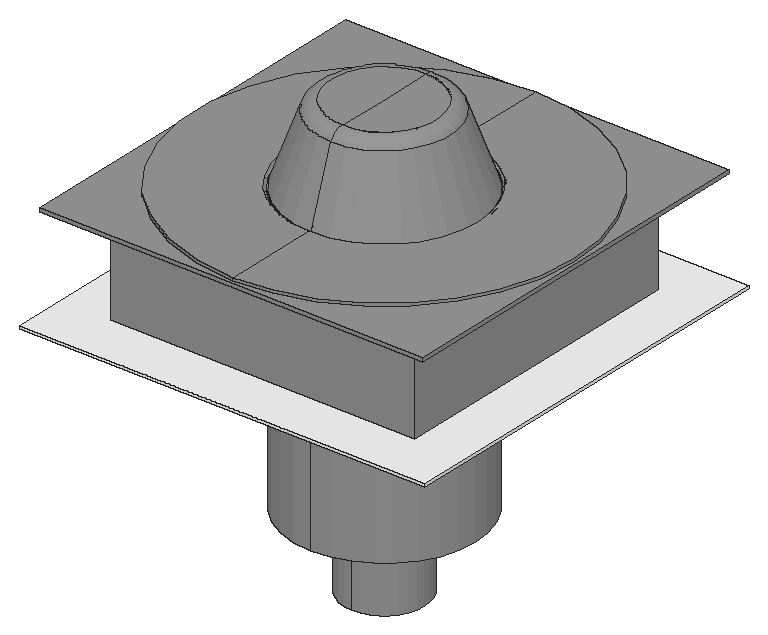
Revit family "HL_RU_Roof drain_HL63P-B-221103", category Sanitärinstallationen, Revit 2020
Family settings
  Bemaßung runder Anschluss = Durchmesser verwenden
  Teiletyp = Normal
  OmniClass-Nummer = 23.70.50.21.24.14
  OmniClass-Titel = Deck Waste Water Drains
  Arbeitsebenenbasiert = Nein
  Immer vertikal = Ja
  Beim Laden mit Abzugskörper schneiden = Nein
  Gemeinsam genutzt = Nein
  Raumberechnungspunkt = Ja
Parameters (values of type "HL_Кровельная воронка_HL63P_7")
  РЕШЁТКА = "Laubfangkorb d 145 mm"
  РАЗМЕР = "DN75"
  ПРОПУСКНАЯ СПОСОБНОСТЬ [instance] = 0.0 L/s
  ПРОИЗВОДИТЕЛЬНОСТЬ = "6,48 l/s"
  ПРАВОВАЯ ИНФОРМАЦИЯ = "Авторские права(©), права на дизайн или какие либо другие права интелектуальной собственности являются исключительной собственностью компании HL Hutterer & Lechner. Изменению не подлежит. Файл семейства с данными о прозводителе изделия защищен паролем с водяным знаком."
  НОМИНАЛЬНЫЙ ДИАМЕТР = 75 mm
  МАТЕРИАЛ = "PP/PVC"
  ВЫСОТА МОНТАЖА = "266-326 mm"
  ВЕС = "2,78 [kg]"
  Vorgabe-Ansicht = 0 mm
  Hersteller = "HL Hutterer & Lechner GmbH"  # constant formula
  URL = "http://www.hutterer-lechner.com/ru/products/catalog/roof-drains/HL63P/7.aspx"
  Материал плитка [instance] = none
  Lüftungsverbindung = no
  Abwasserrohrverbindung = yes
  HW-Verbindung = no
  KW-Verbindung = no
  Beschreibung = "Кровельные воронки"
  Model = "HL63P_7"
  Assembly Code = " "
  Typenkommentare = "HL63P/7 Кровельная воронка DrainBox DN75 с ПВХ_консолью,"
  Keynote = "HL63P_7"
  Bысота монтажа [instance] = 100 mm
  G [instance] = 180.00°  # constant formula
  EAN = "9003076806348"
  D [instance] = 236 mm  # constant formula
  C [instance] = if(Bысота монтажа - 68 mm < 0 mm, 0 mm, Bысота монтажа - 68 mm)  # 32 mm
  B [instance] = 100 mm  # constant formula
  A [instance] = if(B - 100 mm > 15 mm, B - 100 mm, 15 mm)  # 15 mm
Types (4, lengths in mm): name | РАЗМЕР | ПРОИЗВОДИТЕЛЬНОСТЬ | НОМИНАЛЬНЫЙ ДИАМЕТР | ВЕС | URL | Model | Typenkommentare | Keynote | EAN
  (no name) | "DN75" | "6,48 l/s" | 75 | "2,78 [kg]" | "http://www.hutterer-lechner.com/ru/products/catalog/roof-drains/HL63P/7.aspx" | "HL63P_7" | "HL63P/7 Кровельная воронка DrainBox DN75 с ПВХ_консолью," | "HL63P_7" | "9003076806348"
  HL_Кровельная воронка_HL63P_1 | "DN110" | "5,82 l/s" | 110 | "2,8 [kg]" | "http://www.hutterer-lechner.com/ru/products/catalog/roof-drains/HL63P/1.aspx" | "HL63P_1" | "HL63P/1 Кровельная воронка DrainBox DN110 с ПВХ_консолью," | "HL63P_1" | "9003076816347"
  HL_Кровельная воронка_HL63P_2 | "DN125" | "9,25 l/s" | 125 | "2,82 [kg]" | "http://www.hutterer-lechner.com/ru/products/catalog/roof-drains/HL63P/2.aspx" | "HL63P_2" | "HL63P/2 Кровельная воронка DrainBox DN125 с ПВХ_консолью," | "HL63P_2" | "9003076826346"
  HL_Кровельная воронка_HL63P_7 | "DN75" | "6,48 l/s" | 75 | "2,78 [kg]" | "http://www.hutterer-lechner.com/ru/products/catalog/roof-drains/HL63P/7.aspx" | "HL63P_7" | "HL63P/7 Кровельная воронка DrainBox DN75 с ПВХ_консолью," | "HL63P_7" | "9003076806348"
Reference planes
  plane 1 "Center (Front/Back)": y = 0
  plane 2: z = 0
  plane 3 "Center (Left/Right)": x = 0
  plane 4: z = -100
  plane 5: z = -100
Lines and regions (mm)
  model lines, style "InvisibleLines"
    curve 1: line (0, 0, 0) -> (0, 0, 20)
  model lines, style "PlumbingFixtures", detail levels coarse+medium
    curve 2: line (0, 0, -100) -> (0, 0, -85)
    curve 3: line (0, 0, -85) -> (-85, 0, 0)
    curve 4: line (0, 0, -85) -> (85, 0, 0)
    curve 6: line (0, 0, -100) -> (0, 0, -336)
  reference lines, not visible
    curve 5: line (0, 0, -100) -> (0, 0, -336)
  symbolic lines, style "PlumbingFixtures", detail levels coarse+medium
    curve 7: line (-75, 75, 0) -> (75, 75, 0)
    curve 8: line (-75, -75, 0) -> (-75, 75, 0)
    curve 9: line (75, -75, 0) -> (-75, -75, 0)
    curve 10: line (75, 75, 0) -> (75, -75, 0)
    curve 11: line (-75, 75, 0) -> (-145.711, 145.711, 0)
    curve 12: line (75, 75, 0) -> (145.711, 145.711, 0)
    curve 13: line (-75, -75, 0) -> (-145.711, -145.711, 0)
    curve 14: line (75, -75, 0) -> (145.711, -145.711, 0)
  symbolic lines, style "PlumbingFixtures", not visible, detail levels coarse+medium
    curve 15: line (-75, 75, 0) -> (75, 75, 0)
    curve 16: line (-75, -75, 0) -> (-75, 75, 0)
    curve 17: line (75, -75, 0) -> (-75, -75, 0)
    curve 18: line (75, 75, 0) -> (75, -75, 0)
    curve 19: line (-75, 75, 0) -> (-145.711, 145.711, 0)
    curve 20: line (75, 75, 0) -> (145.711, 145.711, 0)
    curve 21: line (-75, -75, 0) -> (-145.711, -145.711, 0)
    curve 22: line (75, -75, 0) -> (145.711, -145.711, 0)
Text (mm)
  text "FLOOR" at (-162.344, 0, -10.979), in view "Drain Construction View"
Dimensions and locks
  "B": plane 2 to plane 4
  "Bысота монтажа": plane 2 to plane 5
  "A": curve 4 to plane 4
  "D": curve 5 to curve 5
  "D": curve 6 to curve 6
  locked: curve 4 to plane 3 "Center (Left/Right)" (angle 45.00°)
  locked: plane 3 "Center (Left/Right)" to curve 3 (angle 45.00°)
  "G": angle curve 5 to plane 3 "Center (Left/Right)"
  aligned and locked: level to plane 2
  aligned and locked: plane 2 to curve 4
  aligned and locked: plane 2 to curve 3
  aligned and locked: plane 4 to curve 5
  aligned and locked: plane 3 "Center (Left/Right)" to curve 5
  aligned and locked: plane 4 to curve 2
  aligned and locked: curve 6 to plane 3 "Center (Left/Right)"
  aligned and locked: curve 6 to plane 4
  aligned and locked: plane 2 to nested 1
  aligned and locked: plane 3 "Center (Left/Right)" to nested 1
  aligned and locked: nested 2 to plane 2
  aligned and locked: nested 2 to plane 3 "Center (Left/Right)"
Automatic sketch dimensions
  curve 2 to plane 3 "Center (Left/Right)" = 0 mm
  curve 1 to plane 3 "Center (Left/Right)" = 0 mm
  curve 1 to level = 0 mm
  level to curve 1 = 20 mm
Nested families
  nested 1: "HL_Вспомогательные материалы-Противопожарная защита_HL062.1E" at (0, 0, 0), type "HL_Вспомогательные материалы-Противопожарная защита_HL062.1E"
  nested 2: "HL_кровельные воронки - корпус_HL63P" at (0, 0, 0), Bысота Монтажа <- "Bысота монтажа", НОМИНАЛЬНЫЙ ДИАМЕТР <- "НОМИНАЛЬНЫЙ ДИАМЕТР", type "HL_кровельные воронки - корпус_HL63P"
    with НОМИНАЛЬНЫЙ ДИАМЕТР 75 mm, L2 2.5 mm, L 100 mm, IHmin 266 mm, IHmax 326 mm, Bысота Монтажа 100 mm
Connectors
  piping at (0, 0, -336), diameter 75, driven by "ПРОПУСКНАЯ СПОСОБНОСТЬ", driven by "НОМИНАЛЬНЫЙ ДИАМЕТР"
    settings: on curve 5, index 1, connector inside diameter 609.6 mm, connector length 0 mm, flow factor 0, pipe flow 0.0 L/s, pressure drop 0.0 Pa, fitting loss kfactor 0, connector angle 0.00°, fixture units 0, engagement length 0 mm, angle of deflection 0.00°, flow configuration 1, flow direction 2, fitting loss method 0, system type 16, joint type 0, gender type 0, connector reference index -1, connector utility 0, adjustable connector yes, is connector primary yes, connector description ""
Definition of nested family "HL_Вспомогательные материалы-Противопожарная защита_HL062.1E"
  Parameters
    ПРАВОВАЯ ИНФОРМАЦИЯ = ""
    ВЕС = "0,097 [kg]"
    Default Elevation = 0 mm
    Manufacturer = ""
    URL = ""
    Материал плитка = none
    Description = ""
    Model = ""
    Type Comments = "HL062.1E, domed plastic grate"
    Keynote = ""
    Пропускная способность [instance] = 0.0 L/s
    EAN = "9003076006212"
    Cost = 0
  Types (2, lengths in mm): name | ПРАВОВАЯ ИНФОРМАЦИЯ | Manufacturer | URL | Description | Model | Type Comments | Keynote
    (no name) | "" | "" | "" | "" | "" | "HL062.1E, domed plastic grate" | ""
    HL_Вспомогательные материалы-Противопожарная защита_HL062.1E | "Авторские права(©), права на дизайн или какие либо другие права интелектуальной собственности являются исключительной собственностью компании HL Hutterer & Lechner. Изменению не подлежит. Файл семейства с данными о прозводителе изделия защищен паролем с водяным знаком." | "HL Hutterer & Lechner GmbH" | "http://www.hutterer-lechner.com/ru/products/catalog/roof-drains/HL062.1E.aspx" | "Кровельные воронки" | "HL062.1E" | "HL062.1E, Листвоуловитель" | "HL062.1E"
  Reference planes
    plane 1 "Střed (vpředu/vzadu)": y = 0
    plane 2: z = 0
    plane 3 "Střed (vlevo/vpravo)": x = 0
  Forms (mm)
    Revolve 1, solid, detail levels fine
      sketch origin (0, 0, 0) x (0, 1, 0) y (0, 0, 1)
        loop
          line (0, 75) -> (0, 60.2) -> (47.074, 60.2) -> (68.985, 0) -> (86.249, 0) -> (61.992, 66.646)
          arc (61.992, 66.646) -> (56.733, 72.731) -> (49.016, 75) r 14.255
          line (49.016, 75) -> (0, 75)
        axis (0, 75) -> (0, 0)
      angle from 0 to 360
    Extrusion 2, solid, detail levels fine
      sketch origin (0, 0, 0) x (0, 1, 0) y (1, 0, 0)
        loop
          circle (0, 0) r 78.587
        loop
          circle (0, 0) r 70.981
      from 0 to 16.7
    Extrusion 3, solid, detail levels fine
      sketch origin (0, 0, -16.7) x (-1, 0, 0) y (0, 1, 0)
        loop
          circle (0, 0) r 70
        loop
          circle (0, 0) r 74.546
      from 0 to 12.3
  Dimensions and locks
    aligned and locked: level to plane 2
Definition of nested family "HL_кровельные воронки - корпус_HL63P"
  Parameters (values of type "HL_кровельные воронки - корпус_HL63P")
    НОМИНАЛЬНЫЙ ДИАМЕТР [instance] = 75 mm
    Default Elevation = 0 mm
    Manufacturer = ""
    URL = ""
    Description = ""
    Model = ""
    L2 [instance] = if((L = 0 mm), 0 mm, 2.5 mm)  # 2.5 mm
    L [instance] = if(Bысота Монтажа < (IHmin - 166 mm), 0 mm, if(Bысота Монтажа > (IHmax - 166 mm) + 0.1 mm, 0 mm, Bысота Монтажа + 0 mm))  # 100 mm
    Type Comments = ""
    Bысота Монтажа [instance] = 100 mm
    IHmin [instance] = 266 mm
    IHmax [instance] = 326 mm
    Cost = 0
  Reference planes
    plane 1 "Střed (vpředu/vzadu)": y = 0
    plane 2: z = 0
    plane 3 "Střed (vlevo/vpravo)": x = 0
  Forms (mm)
    Revolve 1, solid, detail levels fine
      sketch origin (0, 0, 0) x (0, 1, 0) y (0, 0, 1)
        loop
          line (177, 1.144) -> (177, 3.67) -> (88.522, 3.67) -> (86.558, 1.706) -> (79.01, 1.706) -> (79.01, -18.294) -> (74.055, -23.249) -> (74.055, -24.356) -> (76.657, -24.356) -> (81.582, -19.43) -> (81.582, -9.356) -> (87.892, 1.144) -> (177, 1.144)
        axis (0, 3.67) -> (0, -24.356)
      angle from 0 to 360
    Revolve 2, solid, detail levels fine
      sketch origin (0, 0, 0) x (0, 1, 0) y (0, 0, 1)
        loop
          line (0, -271.029) -> (63.66, -271.029) -> (63.66, -265.5) -> (85.395, -265.5) -> (85.395, -99.5) -> (85.395, -20.95) -> (82.039, -20.95) -> (82.039, -28.034) -> (77.039, -28.034) -> (77.039, -38.034) -> (59.456, -79.457) -> (59.456, -95.75) -> (0, -95.75) -> (0, -271.029)
        axis (0, -20.95) -> (0, -271.029)
      angle from 0 to 360
    Extrusion 3, solid, detail levels fine
      sketch origin (0, 0, 0) x (1, 0, 0) y (0, 1, 0)
        loop
          line (179, 179) -> (-179, 179) -> (-179, -179) -> (179, -179) -> (179, 179)
        loop
          circle (0, 0) r 88.522
      from 0 to -3
    Extrusion 4, solid, detail levels fine
      sketch origin (0, 0, -3) x (0, 1, 0) y (1, 0, 0)
        loop
          line (142, -142) -> (142, 142) -> (-142, 142) -> (-142, -142) -> (142, -142)
        loop
          line (132.75, -132.75) -> (132.75, 135.25) -> (-134, 135.25) -> (-134, -132.75) -> (132.75, -132.75)
      from 0 to 94
    Extrusion 5, solid, detail levels fine
      sketch origin (0, 189, -100) x (0, -1, 0) y (1, 0, 0)
        loop
          line (0, 189) -> (0, -189) -> (378, -189) -> (378, 189) -> (0, 189)
      from 0 to 2.5 <- "L2"
    Extrusion 6, solid, detail levels fine
      sketch origin (0, -0.505, -100) x (0, -1, 0) y (1, 0, 0)
        loop
          line (133.495, -132.75) -> (133.495, 135.25) -> (-133.255, 135.25) -> (-133.255, -132.75) -> (133.495, -132.75)
        loop
          line (-122.38, 123.112) -> (-122.38, -123.679) -> (122.62, -123.679) -> (122.62, 123.112) -> (-122.38, 123.112)
      from 2.5 to 62.5
    Extrusion 7, solid, detail levels fine
      sketch origin (0, 0, -271.029) x (0, 1, 0) y (1, 0, 0)
        loop
          circle (0, 0) r 37.5
      from 0 to 65
  Lines and regions (mm)
    reference lines, not visible
      curve 1: line (0, 189, -100) -> (0, -371, -100)
  Dimensions and locks
    "L": curve 1 to plane 2
    "НОМИНАЛЬНЫЙ ДИАМЕТР": diameter of Extrusion 7 sketch curve
    aligned and locked: level to plane 2
  Automatic sketch dimensions
    Revolve 1 sketch curve to plane 1 "Střed (vpředu/vzadu)" = 0 mm
    Revolve 1 sketch curve to level = 24.356 mm
    Revolve 1 sketch curve to plane 1 "Střed (vpředu/vzadu)" = 74.055 mm
    Revolve 1 sketch curve to Revolve 1 sketch curve = 2.602 mm
    Revolve 1 sketch curve to Revolve 1 sketch curve = 2.353 mm
    Revolve 1 sketch curve to level = 9.356 mm
    Revolve 1 sketch curve to Revolve 1 sketch curve = 2.572 mm
    level to Revolve 1 sketch curve = 1.706 mm
    Revolve 1 sketch curve to Revolve 1 sketch curve = 7.548 mm
    level to Revolve 1 sketch curve = 1.144 mm
    Revolve 1 sketch curve to Revolve 1 sketch curve = 1.334 mm
    level to Revolve 1 sketch curve = 3.67 mm
    Revolve 1 sketch curve to Revolve 1 sketch curve = 0.63 mm
    Revolve 1 sketch curve to Revolve 1 sketch curve = 88.478 mm
    Revolve 1 sketch curve to Revolve 1 sketch curve = 1.107 mm
    Revolve 1 sketch curve to Revolve 1 sketch curve = 4.926 mm
    Revolve 1 sketch curve to Revolve 1 sketch curve = 1.136 mm
    Revolve 1 sketch curve to Revolve 1 sketch curve = 275.644 mm
    level to Revolve 1 sketch curve = 300 mm
    plane 1 "Střed (vpředu/vzadu)" to Extrusion 3 sketch curve = 0 mm
    Extrusion 3 sketch curve to plane 3 "Střed (vlevo/vpravo)" = 0 mm
    Extrusion 3 sketch curve to plane 3 "Střed (vlevo/vpravo)" = 179 mm
    plane 3 "Střed (vlevo/vpravo)" to Extrusion 3 sketch curve = 179 mm
    plane 1 "Střed (vpředu/vzadu)" to Extrusion 3 sketch curve = 179 mm
    Extrusion 3 sketch curve to plane 1 "Střed (vpředu/vzadu)" = 179 mm
    Extrusion 3 to Extrusion 4 sketch curve = 37 mm  (x2)
    Extrusion 4 sketch curve to Extrusion 4 sketch curve = 8 mm
    Extrusion 3 to Extrusion 4 sketch curve = 46.25 mm  (x2)
    Extrusion 4 sketch curve to Extrusion 4 sketch curve = 9.25 mm  (x2)
    Extrusion 4 sketch curve to Extrusion 4 sketch curve = 6.75 mm
    Extrusion 5 sketch curve to curve 1 = 0 mm
    Extrusion 5 sketch curve to curve 1 = 189 mm
    curve 1 to Extrusion 5 sketch curve = 189 mm
    Extrusion 5 sketch curve to curve 1 = 182 mm
    Extrusion 5 to Extrusion 6 sketch curve = 56.25 mm  (x2)
    Extrusion 6 sketch curve to Extrusion 6 sketch curve = 10.875 mm  (x2)
    Extrusion 5 to Extrusion 6 sketch curve = 65.875 mm
    Extrusion 6 sketch curve to Extrusion 6 sketch curve = 9.071 mm
    Extrusion 5 to Extrusion 6 sketch curve = 65.888 mm
    Extrusion 6 sketch curve to Extrusion 6 sketch curve = 12.138 mm
    Revolve 2 sketch curve to plane 1 "Střed (vpředu/vzadu)" = 0 mm  (x2)
    Revolve 2 sketch curve to plane 1 "Střed (vpředu/vzadu)" = 59.456 mm
    Revolve 2 sketch curve to plane 1 "Střed (vpředu/vzadu)" = 63.66 mm
    Revolve 2 sketch curve to level = 38.034 mm
    Revolve 2 sketch curve to Revolve 2 sketch curve = 17.583 mm
    Revolve 2 sketch curve to Revolve 2 sketch curve = 5 mm
    Revolve 2 sketch curve to Revolve 2 sketch curve = 3.356 mm
    Revolve 2 sketch curve to Revolve 2 sketch curve = 41.423 mm
    Revolve 2 sketch curve to Revolve 2 sketch curve = 16.293 mm
    Revolve 2 sketch curve to Revolve 2 sketch curve = 3.75 mm
    Revolve 2 sketch curve to Revolve 2 sketch curve = 166 mm
    Revolve 2 sketch curve to Revolve 2 sketch curve = 5.529 mm
    Revolve 2 sketch curve to Revolve 2 sketch curve = 10 mm
    Revolve 2 sketch curve to Revolve 2 sketch curve = 7.084 mm
    Revolve 2 sketch curve to Revolve 2 sketch curve = 0 mm
    level to Revolve 2 sketch curve = 300 mm
    plane 1 "Střed (vpředu/vzadu)" to curve 1 = 371 mm
    curve 1 to plane 1 "Střed (vpředu/vzadu)" = 189 mm
    Extrusion 7 sketch curve to Revolve 2 = 0 mm
    radius of Extrusion 3 sketch curve = 88.522 mm
